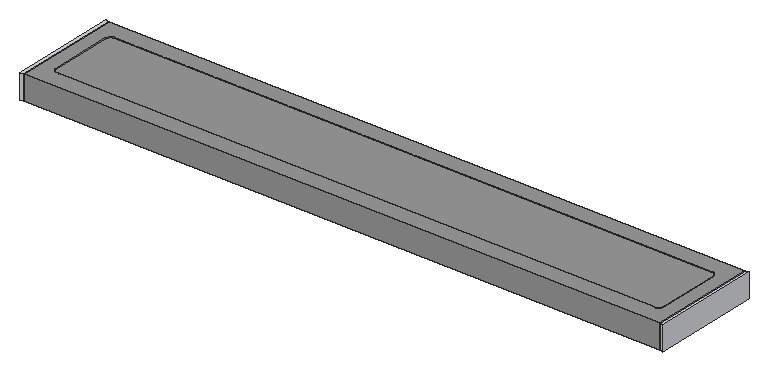
Revit family "0044082 Sylvania Lighting Fixture OPTIX S 1200 MPO DI 4000K D+EM WHITE", category Lighting Fixtures, host Face, Revit 2016
Family settings
  Host = Face
  Part Type = Normal
  Round Connector Dimension = Use Diameter
  OmniClass Number = 23.80.70.00
  OmniClass Title = Lighting
  Cut with Voids When Loaded = No
  Light Source = Yes
  Shared = No
  Room Calculation Point = No
Parameters (values of type "0044082 OPTIX S 1200 MPO D/I 4K D+EM WHITE")
  spacer height = 5 mm
  spacer centres = 1000 mm
  lens width = 1135 mm
  full length = 1200 mm
  Width = 200 mm
  Weight = "n/a"
  Wattage Comments = ""
  Wattage = 9.2903 W
  WarrantyStartDate [instance] = "n/a"
  WarrantyGuarantorParts = "n/a"
  WarrantyDurationUnit = "n/a"
  WarrantyDurationParts = ""
  WarrantyDescription = "http://www.sylvania-lighting.com"
  built-in parameter 1150110 = 1 (stored number, unit not read)
  Voltage = 0 V
  URL = "0.98"
  TypeName = "OPTIX S 1200 MPO D/I 4000K D+EM WHITE"
  Type Image = <None>
  Type Comments = "n/a"
  built-in parameter 1114217 = 1 (stored number, unit not read)
  Tilt Angle = 90.00°
  built-in parameter 1150109 = 1 (stored number, unit not read)
  built-in parameter 1150134 = 3
  built-in parameter 1150113 = 1 (stored number, unit not read)
  SerialNumber [instance] = "n/a"
  Photometric Web File = "0044082.ies"
  Material_3_FEILO = none
  PowerFactor = 0
  PowerConsumption = "Lighting"
  NominalLength = 200 mm
  NominalHeight = 0 mm
  NominalDepth = 0 mm
  Name = "OPTIX S 1200 MPO D/I 4000K D+EM WHITE"
  ModelReference = Name  # "OPTIX S 1200 MPO D/I 4000K D+EM WHITE"
  ModelNumber = "0044082"
  Model = Name  # "OPTIX S 1200 MPO D/I 4000K D+EM WHITE"
  Material = "Feilo Sylvania"
  ManufacturerName = "125 lm/W"
  Manufacturer = ""
  LuminousEfficacy = ""
  built-in parameter 1150105 = 109.82 (stored number, unit not read)
  Lumens = 1380 lm
  LuminaireType = "0"
  built-in parameter 1150115 = 1 (stored number, unit not read)
  LightOutputRatio = "LED"
  built-in parameter 1150137 = (empty or 0)
  built-in parameter 1150139 = (empty or 0)
  Lens Width = 135 mm
  Length = 1188 mm
  LampsType = Lamp  # "n/a"
  LampNominalLuminous = "4000 K"
  LampMacAdamStep = "80"
  LampColourTemperature = "LED"
  LampColourRenderingIndex = "16500"
  built-in parameter 1150112 = 1 (stored number, unit not read)
  built-in parameter 1150114 = 1 (stored number, unit not read)
  Lamp = "n/a"
  Keynote = "n/a"
  InstallationDate [instance] = "n/a"
  InputVoltage = "0"
  InputNominalFrequency = "4000"
  built-in parameter 1150132 = (empty or 0)
  built-in parameter 1150102 = (empty or 0)
  built-in parameter 1150107 = 3200 (stored number, unit not read)
  built-in parameter 1150138 = (empty or 0)
  IngressProtection = "IfcLightFixtureType"
  ImpactProtectionIndex = "IfcLightFixtureType"
  built-in parameter 1150106 = 1.0982 (stored number, unit not read)
  IfcExportType = "IfcLightFixtureType"
  IfcExportAs = "Class I"
  Height = 50 mm
  ExpectedLife = 50000
  Emit from Circle Diameter = 609.6 mm
  Emit Shape Visible in Rendering = no
  ElectricShockClassification = "125"
  built-in parameter 1150104 = 13.8 (stored number, unit not read)
  DurationUnit = "hours"
  DocumentationLiterature = "http://www.sylvania-lighting.com/product/en-int/products/0044082"
  DimmingControlOptions = "n/a"
  Material_2_FEILO = none
  Dimming Lamp Color Temperature Shift = <None>
  Description = "OPTIX S 1200 MPO D/I 4K D+EM WHITE is a high efficacy low glare surface or suspended LED Linear luminaire with Micro Prismatic Optic, with direct/indirect light distribution, luminaire dimensions: 1200x200x50mm, Sylvania White body colour (RAL9016), IP20, IK07, DALI Dimmable, 3hr maintained emergency version, low LED flicker (+/-5%), Neutral White (4000K) LED Colour Temperature, 4900lm luminous flux, 39W power consumption, 125lm/W system efficacy, CRI>80, SDCM 3 (3-step MacAdam ellipse) LED Colour Consistency, UGR<17, Luminance at 65° < 3000 cd/m2, lumen maintenance: L90B50 at 60000h, photobiological safety risk group 1. Electrical protection Class I."
  Default Elevation = 1219.2 mm
  CreatedOn = "20/10/2020"
  CreatedBy = "@sylvania-lighting.com"
  Cost = 0
  Color Filter = 16777215
  built-in parameter 1114216 [instance] = (empty or 0)
  ClassificationValue = "EF_70_80"
  ClassificationName = "Uniclass2015"
  Material_1_FEILO = none
  BarCode [instance] = "n/a"
  built-in parameter 1114218 = 1 (stored number, unit not read)
  built-in parameter 1150133 = 10 (stored number, unit not read)
  AssetType = "Fixed"
  AssetIdentifier [instance] = "n/a"
  Assembly Code = "D5020200"
  Apparent Load = 39 VA
  Material_4_FEILO = none
Reference planes
  plane 1 "Center (Front/Back)": y = 0
  plane 2: z = 0
  plane 3 "Center (Left/Right)": x = 0
  plane 4: z = 0
  plane 5: z = 50
  plane 6: y = 100
  plane 7: y = -100
  plane 8: x = -594
  plane 9: x = 594
  plane 10: z = 5
  plane 11: x = -500
  plane 12: x = 500
  plane 13: y = 10
  plane 14: y = -10
  plane 15: x = 487.5
  plane 16: x = 512.5
  plane 17: x = -512.5
  plane 18: x = -487.5
  plane 19: x = -567.5
  plane 20: x = 567.5
  plane 21: y = 67.5
  plane 22: y = -67.5
  plane 23: x = -557.5
  plane 24: y = 57.5
  plane 25: y = -57.5
  plane 26: x = 557.5
  plane 27: x = -600
  plane 28: x = 600
Forms (mm)
  Extrusion 1, solid, material "Aluminum 1100-H18", detail levels medium+fine
    sketch origin (4.2, 0, 0) x (1, 0, 0) y (0, 1, 0)
      loop
        line (-598.2, 100) -> (-598.2, -100) -> (589.8, -100) -> (589.8, 100) -> (-598.2, 100)
    from 5 to 50
  Extrusion 2, solid
    sketch origin (4.2, 0, 0) x (1, 0, 0) y (0, 1, 0)
      loop
        line (483.3, 10) -> (483.3, -10) -> (508.3, -10) -> (508.3, 10) -> (483.3, 10)
    from 0 to 5
  Extrusion 3, solid
    sketch origin (4.2, 0, 0) x (1, 0, 0) y (0, 1, 0)
      loop
        line (-516.7, 10) -> (-516.7, -10) -> (-491.7, -10) -> (-491.7, 10) -> (-516.7, 10)
    from 0 to 5
  Extrusion 4, void, detail levels fine
    sketch origin (4.2, 0, 0) x (0, 1, 0) y (1, 0, 0)
      loop
        line (67.5, -561.7) -> (67.5, 553.3)
        arc (67.5, 553.3) -> (64.571, 560.371) -> (57.5, 563.3) r 10
        line (57.5, 563.3) -> (-57.5, 563.3)
        arc (-57.5, 563.3) -> (-64.571, 560.371) -> (-67.5, 553.3) r 10
        line (-67.5, 553.3) -> (-67.5, -561.7)
        arc (-67.5, -561.7) -> (-64.571, -568.771) -> (-57.5, -571.7) r 10
        line (-57.5, -571.7) -> (57.5, -571.7)
        arc (57.5, -571.7) -> (64.571, -568.771) -> (67.5, -561.7) r 10
    from -50 to -48
  Extrusion 5, solid, detail levels medium+fine
    sketch origin (4.2, 0, 0) x (1, 0, 0) y (0, 1, 0)
      loop
        line (-604.2, 100) -> (-604.2, -100) -> (-598.2, -100) -> (-598.2, 100) -> (-604.2, 100)
    from 5 to 50
  Extrusion 6, solid, detail levels medium+fine
    sketch origin (4.2, 0, 0) x (1, 0, 0) y (0, 1, 0)
      loop
        line (589.8, 100) -> (589.8, -100) -> (595.8, -100) -> (595.8, 100) -> (589.8, 100)
    from 5 to 50
  Extrusion 7, solid, material "Glass, White, High Luminance", detail levels fine
    sketch origin (4.2, 0, 0) x (1, 0, 0) y (0, 1, 0)
      loop
        arc (-561.7, 67.5) -> (-568.771, 64.571) -> (-571.7, 57.5) r 10
        line (-571.7, 57.5) -> (-571.7, -57.5)
        arc (-571.7, -57.5) -> (-568.771, -64.571) -> (-561.7, -67.5) r 10
        line (-561.7, -67.5) -> (553.3, -67.5)
        arc (553.3, -67.5) -> (560.371, -64.571) -> (563.3, -57.5) r 10
        line (563.3, -57.5) -> (563.3, 57.5)
        arc (563.3, 57.5) -> (560.371, 64.571) -> (553.3, 67.5) r 10
        line (553.3, 67.5) -> (-561.7, 67.5)
    from 48 to 49.5
  Extrusion 8, solid, detail levels coarse
    sketch origin (4.2, 0, 0) x (1, 0, 0) y (0, 1, 0)
      loop
        line (-604.2, 100) -> (-604.2, -100) -> (595.8, -100) -> (595.8, 100) -> (-604.2, 100)
    from 0 to 50
Cuts and joins
  Extrusion 4 cuts Extrusion 2
  Extrusion 4 cuts Extrusion 3
  Extrusion 4 cuts Extrusion 1
Dimensions and locks
  "Width": plane 6 to plane 7
  equal spacing: plane 6, plane 1 "Center (Front/Back)", plane 7
  "Length": plane 8 to plane 9
  equal spacing: plane 8, plane 3 "Center (Left/Right)", plane 9
  "spacer height": plane 10 to host face
  "Height": plane 5 to level
  "spacer centres": plane 11 to plane 12
  equal spacing: plane 11, plane 3 "Center (Left/Right)", plane 12
  "lens width": plane 19 to plane 20
  equal spacing: plane 19, plane 3 "Center (Left/Right)", plane 20
  "Lens Width": plane 21 to plane 22
  equal spacing: plane 21, plane 1 "Center (Front/Back)", plane 22
  "full length": plane 27 to plane 28
  equal spacing: plane 27, plane 3 "Center (Left/Right)", plane 28
  aligned and locked: plane 2 to host face
  aligned and locked: level to host face
Automatic sketch dimensions
  host sketch curve to host sketch curve = 2438.4 mm  (x2)
  Extrusion 1 sketch curve to plane 7 = 0 mm
  Extrusion 1 sketch curve to plane 8 = 0 mm
  Extrusion 1 sketch curve to plane 9 = 0 mm
  Extrusion 1 sketch curve to plane 6 = 0 mm
  Extrusion 2 sketch curve to plane 14 = 0 mm
  Extrusion 2 sketch curve to plane 15 = 0 mm
  Extrusion 2 sketch curve to plane 16 = 0 mm
  Extrusion 2 sketch curve to plane 13 = 0 mm
  Extrusion 3 sketch curve to plane 14 = 0 mm
  Extrusion 3 sketch curve to plane 17 = 0 mm
  Extrusion 3 sketch curve to plane 18 = 0 mm
  Extrusion 3 sketch curve to plane 13 = 0 mm
  Extrusion 4 sketch curve to plane 22 = 0 mm
  Extrusion 4 sketch curve to plane 19 = 0 mm
  Extrusion 4 sketch curve to plane 25 = 0 mm  (x2)
  Extrusion 4 sketch curve to plane 20 = 0 mm
  Extrusion 4 sketch curve to plane 24 = 0 mm  (x2)
  Extrusion 4 sketch curve to plane 23 = 0 mm
  Extrusion 5 sketch curve to plane 7 = 0 mm
  Extrusion 5 sketch curve to plane 27 = 0 mm
  Extrusion 5 sketch curve to plane 8 = 0 mm
  Extrusion 5 sketch curve to plane 6 = 0 mm
  Extrusion 6 sketch curve to plane 7 = 0 mm
  Extrusion 6 sketch curve to plane 9 = 0 mm
  Extrusion 6 sketch curve to plane 28 = 0 mm
  Extrusion 6 sketch curve to plane 6 = 0 mm
  Extrusion 7 sketch curve to plane 23 = 0 mm  (x2)
  Extrusion 7 sketch curve to plane 21 = 0 mm
  Extrusion 7 sketch curve to plane 22 = 0 mm
  Extrusion 7 sketch curve to plane 26 = 0 mm  (x2)
  Extrusion 7 sketch curve to plane 20 = 0 mm
  Extrusion 7 sketch curve to plane 24 = 0 mm
  Extrusion 8 sketch curve to plane 7 = 0 mm
  Extrusion 8 sketch curve to plane 27 = 0 mm
  Extrusion 8 sketch curve to plane 28 = 0 mm
  Extrusion 8 sketch curve to plane 6 = 0 mm
Connectors
  electrical at (0, 0, 0), driven by "Apparent Load", driven by "PowerFactor", driven by "Voltage"
    settings: index 1, voltage 0 V, apparent load 39 VA, apparent load phase1 0 VA, apparent load phase2 0 VA, apparent load phase3 0 VA, power factor 0, load classification "Lighting", number of poles 1, system type 30, power factor state 1, is connector primary yes, connector utility no, sub classification motor no, connector description ""
